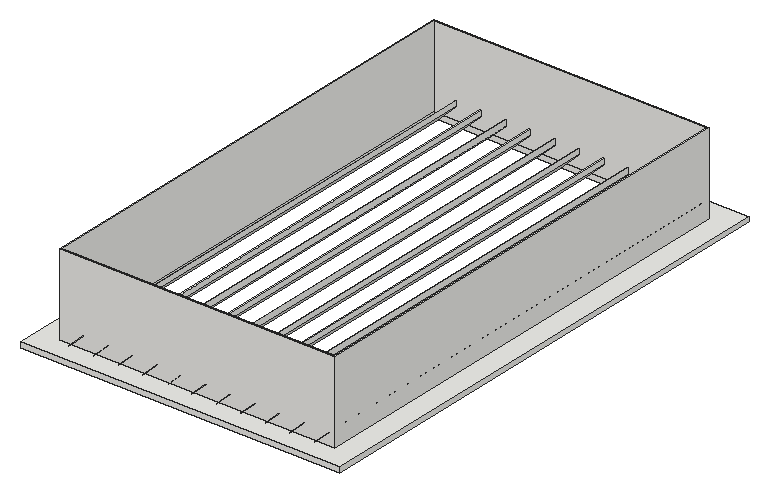
Revit family "MADEL_GRILL_AIR RETURN_FIXED BLADES 45º_DMT", category Terminales de aire, Revit 2015 (continued)
Types (224, lengths in mm): name | Width_Connector | Q | Product Type | Product Size | Product Reference | Nº  Blades | N_Graphic lines | Modelo | L3 | Height_Connector | H2 | L | Kf | H1 | H | Flujo mín. | Flujo máx. | Blade Lenght | Afree
  DMT-AR+CM 450x100 | 450.0 | 192.725 m³/h | "DMT-AR+CM 450x100" | "450x100" | "DMT-AR+SP+CM (S)" | 3 | 3 | "DMT-AR+CM 450x100" | 435.0 | 100.0 | 21.25 | 450.0 | -5.5542 | 85.0 | 100.0 | 85.6554 m³/h | 256.966 m³/h | 429.0 | 0.0237932 m²
  EMT-AR+CM 1000x400 | 400.0 | 1964.71 m³/h | "EMT-AR+CM 1000x400" | "400x1000" | "EMT-AR+SP+CM (S)" | 39 | 25 | "EMT-AR+CM 1000x400" | 385.0 | 1000.0 | 37.885 | 400.0 | 4.4845 | 985.0 | 1000.0 | 873.204 m³/h | 2619.61 m³/h | 379.0 | 0.242557 m²
  EMT-AR+CM 900x400 | 400.0 | 1765.39 m³/h | "DMT-AR+CM 400x900" | "400x900" | "EMT-AR+SP+CM (S)" | 35 | 23 | "DMT-AR+CM 400x900" | 385.0 | 900.0 | 36.875 | 400.0 | 4.022 | 885.0 | 900.0 | 784.616 m³/h | 2353.85 m³/h | 379.0 | 0.217949 m²
  EMT-AR+CM 800x400 | 400.0 | 1566.06 m³/h | "EMT-AR+CM 800x400" | "400x800" | "EMT-AR+SP+CM (S)" | 31 | 20 | "EMT-AR+CM 800x400" | 385.0 | 800.0 | 37.381 | 400.0 | 3.504 | 785.0 | 800.0 | 696.028 m³/h | 2088.08 m³/h | 379.0 | 0.193341 m²
  EMT-AR+CM 700x400 | 400.0 | 1366.74 m³/h | "EMT-AR+CM 700x400" | "400x700" | "EMT-AR+SP+CM (S)" | 27 | 18 | "EMT-AR+CM 700x400" | 385.0 | 700.0 | 36.053 | 400.0 | 2.9154 | 685.0 | 700.0 | 607.44 m³/h | 1822.32 m³/h | 379.0 | 0.168733 m²
  EMT-AR+CM 600x400 | 400.0 | 1167.42 m³/h | "EMT-AR+CM 600x400" | "400x600" | "EMT-AR+SP+CM (S)" | 23 | 15 | "EMT-AR+CM 600x400" | 385.0 | 600.0 | 36.563 | 400.0 | 2.2339 | 585.0 | 600.0 | 518.851 m³/h | 1556.55 m³/h | 379.0 | 0.144125 m²
  EMT-AR+CM 500x400 | 400.0 | 968.093 m³/h | "EMT-AR+CM 500x400" | "400x500" | "EMT-AR+SP+CM (S)" | 19 | 13 | "EMT-AR+CM 500x400" | 385.0 | 500.0 | 34.643 | 400.0 | 1.4244 | 485.0 | 500.0 | 430.263 m³/h | 1290.79 m³/h | 379.0 | 0.119518 m²
  EMT-AR+CM 450x400 | 400.0 | 868.431 m³/h | "EMT-AR+CM 450x400" | "400x450" | "EMT-AR+SP+CM (S)" | 17 | 11 | "EMT-AR+CM 450x400" | 385.0 | 450.0 | 36.25 | 400.0 | 0.9547 | 435.0 | 450.0 | 385.969 m³/h | 1157.91 m³/h | 379.0 | 0.107214 m²
  DMT-AR+CM 400x400 | 400.0 | 768.77 m³/h | "DMT-AR+CM 400x400" | "400x400" | "DMT-AR+SP+CM (S)" | 15 | 10 | "DMT-AR+CM 400x400" | 385.0 | 400.0 | 35.0 | 400.0 | 0.42767 | 385.0 | 400.0 | 341.675 m³/h | 1025.03 m³/h | 379.0 | 0.0949098 m²
  DMT-AR+CM 400x350 | 400.0 | 669.108 m³/h | "DMT-AR+CM 400x350" | "400x350" | "DMT-AR+SP+CM (S)" | 13 | 9 | "DMT-AR+CM 400x350" | 385.0 | 350.0 | 33.5 | 400.0 | -0.17265 | 335.0 | 350.0 | 297.381 m³/h | 892.144 m³/h | 379.0 | 0.082606 m²
  DMT-AR+CM 400x300 | 400.0 | 569.447 m³/h | "DMT-AR+CM 400x300" | "400x300" | "DMT-AR+SP+CM (S)" | 11 | 8 | "DMT-AR+CM 400x300" | 385.0 | 300.0 | 31.667 | 400.0 | -0.86996 | 285.0 | 300.0 | 253.087 m³/h | 759.262 m³/h | 379.0 | 0.0703021 m²
  DMT-AR+CM 400x250 | 400.0 | 469.785 m³/h | "DMT-AR+CM 400x250" | "400x250" | "DMT-AR+SP+CM (S)" | 9 | 6 | "DMT-AR+CM 400x250" | 385.0 | 250.0 | 33.571 | 400.0 | -1.7018 | 235.0 | 250.0 | 208.793 m³/h | 626.38 m³/h | 379.0 | 0.0579982 m²
  DMT-AR+CM 400x200 | 400.0 | 370.124 m³/h | "DMT-AR+CM 400x200" | "400x200" | "DMT-AR+SP+CM (S)" | 7 | 5 | "DMT-AR+CM 400x200" | 385.0 | 200.0 | 30.833 | 400.0 | -2.7327 | 185.0 | 200.0 | 164.499 m³/h | 493.498 m³/h | 379.0 | 0.0456943 m²
  DMT-AR+CM 400x150 | 400.0 | 270.462 m³/h | "DMT-AR+CM 400x150" | "400x150" | "DMT-AR+SP+CM (S)" | 5 | 4 | "DMT-AR+CM 400x150" | 385.0 | 150.0 | 27.0 | 400.0 | -4.089 | 135.0 | 150.0 | 120.205 m³/h | 360.616 m³/h | 379.0 | 0.0333904 m²
  DMT-AR+CM 400x100 | 400.0 | 170.801 m³/h | "DMT-AR+CM 400x100" | "400x100" | "DMT-AR+SP+CM (S)" | 3 | 3 | "DMT-AR+CM 400x100" | 385.0 | 100.0 | 21.25 | 400.0 | -6.0763 | 85.0 | 100.0 | 75.9114 m³/h | 227.734 m³/h | 379.0 | 0.0210865 m²
  EMT-AR+CM 1000x350 | 350.0 | 1709.25 m³/h | "EMT-AR+CM 1000x350" | "350x1000" | "EMT-AR+SP+CM (S)" | 39 | 25 | "EMT-AR+CM 1000x350" | 335.0 | 1000.0 | 37.885 | 350.0 | 3.8823 | 985.0 | 1000.0 | 759.665 m³/h | 2279 m³/h | 329.0 | 0.211018 m²
  EMT-AR+CM 900x350 | 350.0 | 1535.87 m³/h | "EMT-AR+CM 900x350" | "350x900" | "EMT-AR+SP+CM (S)" | 35 | 23 | "EMT-AR+CM 900x350" | 335.0 | 900.0 | 36.875 | 350.0 | 3.4199 | 885.0 | 900.0 | 682.61 m³/h | 2047.83 m³/h | 329.0 | 0.189614 m²
  EMT-AR+CM 800x350 | 350.0 | 1362.5 m³/h | "DMT-AR+CM 350x800" | "350x800" | "EMT-AR+SP+CM (S)" | 31 | 20 | "DMT-AR+CM 350x800" | 335.0 | 800.0 | 37.381 | 350.0 | 2.902 | 785.0 | 800.0 | 605.555 m³/h | 1816.66 m³/h | 329.0 | 0.16821 m²
  EMT-AR+CM 700x350 | 350.0 | 1189.12 m³/h | "EMT-AR+CM 700x350" | "350x700" | "EMT-AR+SP+CM (S)" | 27 | 18 | "EMT-AR+CM 700x350" | 335.0 | 700.0 | 36.053 | 350.0 | 2.3135 | 685.0 | 700.0 | 528.499 m³/h | 1585.5 m³/h | 329.0 | 0.146805 m²
  EMT-AR+CM 600x350 | 350.0 | 1015.75 m³/h | "EMT-AR+CM 600x350" | "350x600" | "EMT-AR+SP+CM (S)" | 23 | 15 | "EMT-AR+CM 600x350" | 335.0 | 600.0 | 36.563 | 350.0 | 1.6322 | 585.0 | 600.0 | 451.444 m³/h | 1354.33 m³/h | 329.0 | 0.125401 m²
  EMT-AR+CM 500x350 | 350.0 | 842.374 m³/h | "EMT-AR+CM 500x350" | "350x500" | "EMT-AR+SP+CM (S)" | 19 | 13 | "EMT-AR+CM 500x350" | 335.0 | 500.0 | 34.643 | 350.0 | 0.82299 | 485.0 | 500.0 | 374.389 m³/h | 1123.17 m³/h | 329.0 | 0.103997 m²
  EMT-AR+CM 450x350 | 350.0 | 755.687 m³/h | "EMT-AR+CM 450x350" | "350x450" | "EMT-AR+SP+CM (S)" | 17 | 11 | "EMT-AR+CM 450x350" | 335.0 | 450.0 | 36.25 | 350.0 | 0.35346 | 435.0 | 450.0 | 335.861 m³/h | 1007.58 m³/h | 329.0 | 0.0932947 m²
  EMT-AR+CM 400x350 | 350.0 | 669 m³/h | "EMT-AR+CM 400x350" | "350x400" | "EMT-AR+SP+CM (S)" | 15 | 10 | "EMT-AR+CM 400x350" | 335.0 | 400.0 | 35.0 | 350.0 | -0.17335 | 385.0 | 400.0 | 297.333 m³/h | 892 m³/h | 329.0 | 0.0825926 m²
  DMT-AR+CM 350x350 | 350.0 | 582.313 m³/h | "DMT-AR+CM 350x350" | "350x350" | "DMT-AR+SP+CM (S)" | 13 | 9 | "DMT-AR+CM 350x350" | 335.0 | 350.0 | 33.5 | 350.0 | -0.77336 | 335.0 | 350.0 | 258.806 m³/h | 776.417 m³/h | 329.0 | 0.0718905 m²
  DMT-AR+CM 350x300 | 350.0 | 495.626 m³/h | "DMT-AR+CM 350x300" | "350x300" | "DMT-AR+SP+CM (S)" | 11 | 8 | "DMT-AR+CM 350x300" | 335.0 | 300.0 | 31.667 | 350.0 | -1.4703 | 285.0 | 300.0 | 220.278 m³/h | 660.834 m³/h | 329.0 | 0.0611883 m²
  DMT-AR+CM 350x250 | 350.0 | 408.938 m³/h | "DMT-AR+CM 350x250" | "350x250" | "DMT-AR+SP+CM (S)" | 9 | 6 | "DMT-AR+CM 350x250" | 335.0 | 250.0 | 33.571 | 350.0 | -2.3015 | 235.0 | 250.0 | 181.75 m³/h | 545.251 m³/h | 329.0 | 0.0504862 m²
  DMT-AR+CM 350x200 | 350.0 | 322.251 m³/h | "DMT-AR+CM 350x200" | "350x200" | "DMT-AR+SP+CM (S)" | 7 | 5 | "DMT-AR+CM 350x200" | 335.0 | 200.0 | 30.833 | 350.0 | -3.3315 | 185.0 | 200.0 | 143.223 m³/h | 429.668 m³/h | 329.0 | 0.0397841 m²
  DMT-AR+CM 350x150 | 350.0 | 235.564 m³/h | "DMT-AR+CM 350x150" | "350x150" | "DMT-AR+SP+CM (S)" | 5 | 4 | "DMT-AR+CM 350x150" | 335.0 | 150.0 | 27.0 | 350.0 | -4.6863 | 135.0 | 150.0 | 104.695 m³/h | 314.085 m³/h | 329.0 | 0.029082 m²
  DMT-AR+CM 350x100 | 350.0 | 148.877 m³/h | "DMT-AR+CM 350x100" | "350x100" | "DMT-AR+SP+CM (S)" | 3 | 3 | "DMT-AR+CM 350x100" | 335.0 | 100.0 | 21.25 | 350.0 | -6.6703 | 85.0 | 100.0 | 66.1674 m³/h | 198.502 m³/h | 329.0 | 0.0183798 m²
  EMT-AR+CM 1000x300 | 300.0 | 1453.79 m³/h | "EMT-AR+CM 1000x300" | "300x1000" | "EMT-AR+SP+CM (S)" | 39 | 25 | "EMT-AR+CM 1000x300" | 285.0 | 1000.0 | 37.885 | 300.0 | 3.1824 | 985.0 | 1000.0 | 646.127 m³/h | 1938.38 m³/h | 279.0 | 0.17948 m²
  EMT-AR+CM 900x300 | 300.0 | 1306.36 m³/h | "EMT-AR+CM 900x300" | "300x900" | "EMT-AR+SP+CM (S)" | 35 | 23 | "EMT-AR+CM 900x300" | 285.0 | 900.0 | 36.875 | 300.0 | 2.7201 | 885.0 | 900.0 | 580.604 m³/h | 1741.81 m³/h | 279.0 | 0.161279 m²
  EMT-AR+CM 800x300 | 300.0 | 1158.93 m³/h | "EMT-AR+CM 800x300" | "300x800" | "EMT-AR+SP+CM (S)" | 31 | 20 | "EMT-AR+CM 800x300" | 285.0 | 800.0 | 37.381 | 300.0 | 2.2023 | 785.0 | 800.0 | 515.082 m³/h | 1545.25 m³/h | 279.0 | 0.143078 m²
  EMT-AR+CM 700x300 | 300.0 | 1011.51 m³/h | "EMT-AR+CM 700x300" | "300x700" | "EMT-AR+SP+CM (S)" | 27 | 18 | "EMT-AR+CM 700x300" | 285.0 | 700.0 | 36.053 | 300.0 | 1.6141 | 685.0 | 700.0 | 449.559 m³/h | 1348.68 m³/h | 279.0 | 0.124878 m²
  EMT-AR+CM 600x300 | 300.0 | 864.082 m³/h | "EMT-AR+CM 600x300" | "300x600" | "EMT-AR+SP+CM (S)" | 23 | 15 | "EMT-AR+CM 600x300" | 285.0 | 600.0 | 36.563 | 300.0 | 0.93299 | 585.0 | 600.0 | 384.036 m³/h | 1152.11 m³/h | 279.0 | 0.106677 m²
  EMT-AR+CM 500x300 | 300.0 | 716.656 m³/h | "EMT-AR+CM 500x300" | "300x500" | "EMT-AR+SP+CM (S)" | 19 | 13 | "EMT-AR+CM 500x300" | 285.0 | 500.0 | 34.643 | 300.0 | 0.12417 | 485.0 | 500.0 | 318.514 m³/h | 955.542 m³/h | 279.0 | 0.0884761 m²
  EMT-AR+CM 450x300 | 300.0 | 642.943 m³/h | "EMT-AR+CM 450x300" | "300x450" | "EMT-AR+SP+CM (S)" | 17 | 11 | "EMT-AR+CM 450x300" | 285.0 | 450.0 | 36.25 | 300.0 | -0.34511 | 435.0 | 450.0 | 285.753 m³/h | 857.258 m³/h | 279.0 | 0.0793757 m²
  EMT-AR+CM 400x300 | 300.0 | 569.23 m³/h | "EMT-AR+CM 400x300" | "300x400" | "EMT-AR+SP+CM (S)" | 15 | 10 | "EMT-AR+CM 400x300" | 285.0 | 400.0 | 35.0 | 300.0 | -0.8716 | 385.0 | 400.0 | 252.991 m³/h | 758.974 m³/h | 279.0 | 0.0702753 m²
  EMT-AR+CM 350x300 | 300.0 | 495.517 m³/h | "EMT-AR+CM 350x300" | "300x350" | "EMT-AR+SP+CM (S)" | 13 | 9 | "EMT-AR+CM 350x300" | 285.0 | 350.0 | 33.5 | 300.0 | -1.4712 | 335.0 | 350.0 | 220.23 m³/h | 660.69 m³/h | 279.0 | 0.061175 m²
  DMT-AR+CM 300x300 | 300.0 | 421.804 m³/h | "DMT-AR+CM 300x300" | "300x300" | "DMT-AR+SP+CM (S)" | 11 | 8 | "DMT-AR+CM 300x300" | 285.0 | 300.0 | 31.667 | 300.0 | -2.1676 | 285.0 | 300.0 | 187.469 m³/h | 562.406 m³/h | 279.0 | 0.0520746 m²
  DMT-AR+CM 300x250 | 300.0 | 348.091 m³/h | "DMT-AR+CM 300x250" | "300x250" | "DMT-AR+SP+CM (S)" | 9 | 6 | "DMT-AR+CM 300x250" | 285.0 | 250.0 | 33.571 | 300.0 | -2.998 | 235.0 | 250.0 | 154.707 m³/h | 464.122 m³/h | 279.0 | 0.0429742 m²
  DMT-AR+CM 300x200 | 300.0 | 274.378 m³/h | "DMT-AR+CM 300x200" | "300x200" | "DMT-AR+SP+CM (S)" | 7 | 5 | "DMT-AR+CM 300x200" | 285.0 | 200.0 | 30.833 | 300.0 | -4.0269 | 185.0 | 200.0 | 121.946 m³/h | 365.838 m³/h | 279.0 | 0.0338739 m²
  DMT-AR+CM 300x150 | 300.0 | 200.666 m³/h | "DMT-AR+CM 300x150" | "300x150" | "DMT-AR+SP+CM (S)" | 5 | 4 | "DMT-AR+CM 300x150" | 285.0 | 150.0 | 27.0 | 300.0 | -5.3796 | 135.0 | 150.0 | 89.1847 m³/h | 267.554 m³/h | 279.0 | 0.0247735 m²
  DMT-AR+CM 300x100 | 300.0 | 126.953 m³/h | "DMT-AR+CM 300x100" | "300x100" | "DMT-AR+SP+CM (S)" | 3 | 3 | "DMT-AR+CM 300x100" | 285.0 | 100.0 | 21.25 | 300.0 | -7.359 | 85.0 | 100.0 | 56.4234 m³/h | 169.27 m³/h | 279.0 | 0.0156732 m²
  EMT-AR+CM 1000x250 | 250.0 | 1198.32 m³/h | "EMT-AR+CM 1000x250" | "250x1000" | "EMT-AR+SP+CM (S)" | 39 | 25 | "EMT-AR+CM 1000x250" | 235.0 | 1000.0 | 37.885 | 250.0 | 2.3469 | 985.0 | 1000.0 | 532.589 m³/h | 1597.77 m³/h | 229.0 | 0.147941 m²
  EMT-AR+CM 900x250 | 250.0 | 1076.85 m³/h | "EMT-AR+CM 900x250" | "250x900" | "EMT-AR+SP+CM (S)" | 35 | 23 | "EMT-AR+CM 900x250" | 235.0 | 900.0 | 36.875 | 250.0 | 1.8847 | 885.0 | 900.0 | 478.599 m³/h | 1435.8 m³/h | 229.0 | 0.132944 m²
  EMT-AR+CM 800x250 | 250.0 | 955.37 m³/h | "EMT-AR+CM 800x250" | "250x800" | "EMT-AR+SP+CM (S)" | 31 | 20 | "EMT-AR+CM 800x250" | 235.0 | 800.0 | 37.381 | 250.0 | 1.3672 | 785.0 | 800.0 | 424.609 m³/h | 1273.83 m³/h | 229.0 | 0.117947 m²
  EMT-AR+CM 700x250 | 250.0 | 833.892 m³/h | "EMT-AR+CM 700x250" | "250x700" | "EMT-AR+SP+CM (S)" | 27 | 18 | "EMT-AR+CM 700x250" | 235.0 | 700.0 | 36.053 | 250.0 | 0.77923 | 685.0 | 700.0 | 370.619 m³/h | 1111.86 m³/h | 229.0 | 0.10295 m²
  EMT-AR+CM 600x250 | 250.0 | 712.415 m³/h | "EMT-AR+CM 600x250" | "250x600" | "EMT-AR+SP+CM (S)" | 23 | 15 | "EMT-AR+CM 600x250" | 235.0 | 600.0 | 36.563 | 250.0 | 0.098508 | 585.0 | 600.0 | 316.629 m³/h | 949.887 m³/h | 229.0 | 0.0879525 m²
  EMT-AR+CM 500x250 | 250.0 | 590.938 m³/h | "EMT-AR+CM 500x250" | "250x500" | "EMT-AR+SP+CM (S)" | 19 | 13 | "EMT-AR+CM 500x250" | 235.0 | 500.0 | 34.643 | 250.0 | -0.70979 | 485.0 | 500.0 | 262.639 m³/h | 787.917 m³/h | 229.0 | 0.0729553 m²
  EMT-AR+CM 450x250 | 250.0 | 530.199 m³/h | "EMT-AR+CM 450x250" | "250x450" | "EMT-AR+SP+CM (S)" | 17 | 11 | "EMT-AR+CM 450x250" | 235.0 | 450.0 | 36.25 | 250.0 | -1.1787 | 435.0 | 450.0 | 235.644 m³/h | 706.932 m³/h | 229.0 | 0.0654567 m²
  EMT-AR+CM 400x250 | 250.0 | 469.46 m³/h | "EMT-AR+CM 400x250" | "250x400" | "EMT-AR+SP+CM (S)" | 15 | 10 | "EMT-AR+CM 400x250" | 235.0 | 400.0 | 35.0 | 250.0 | -1.7048 | 385.0 | 400.0 | 208.649 m³/h | 625.947 m³/h | 229.0 | 0.0579581 m²
  EMT-AR+CM 350x250 | 250.0 | 408.722 m³/h | "EMT-AR+CM 350x250" | "250x350" | "EMT-AR+SP+CM (S)" | 13 | 9 | "EMT-AR+CM 350x250" | 235.0 | 350.0 | 33.5 | 250.0 | -2.3038 | 335.0 | 350.0 | 181.654 m³/h | 544.962 m³/h | 229.0 | 0.0504595 m²
  EMT-AR+CM 300x250 | 250.0 | 347.983 m³/h | "EMT-AR+CM 300x250" | "250x300" | "EMT-AR+SP+CM (S)" | 11 | 8 | "EMT-AR+CM 300x250" | 235.0 | 300.0 | 31.667 | 250.0 | -2.9994 | 285.0 | 300.0 | 154.659 m³/h | 463.978 m³/h | 229.0 | 0.0429609 m²
  DMT-AR+CM 250x250 | 250.0 | 287.245 m³/h | "DMT-AR+CM 250x250" | "250x250" | "DMT-AR+SP+CM (S)" | 9 | 6 | "DMT-AR+CM 250x250" | 235.0 | 250.0 | 33.571 | 250.0 | -3.8287 | 235.0 | 250.0 | 127.664 m³/h | 382.993 m³/h | 229.0 | 0.0354623 m²
  DMT-AR+CM 250x200 | 250.0 | 226.506 m³/h | "DMT-AR+CM 250x200" | "250x200" | "DMT-AR+SP+CM (S)" | 7 | 5 | "DMT-AR+CM 250x200" | 235.0 | 200.0 | 30.833 | 250.0 | -4.8559 | 185.0 | 200.0 | 100.669 m³/h | 302.008 m³/h | 229.0 | 0.0279637 m²
  DMT-AR+CM 250x150 | 250.0 | 165.767 m³/h | "DMT-AR+CM 250x150" | "250x150" | "DMT-AR+SP+CM (S)" | 5 | 4 | "DMT-AR+CM 250x150" | 235.0 | 150.0 | 27.0 | 250.0 | -6.2056 | 135.0 | 150.0 | 73.6743 m³/h | 221.023 m³/h | 229.0 | 0.0204651 m²
  DMT-AR+CM 250x100 | 250.0 | 105.029 m³/h | "DMT-AR+CM 250x100" | "250x100" | "DMT-AR+SP+CM (S)" | 3 | 3 | "DMT-AR+CM 250x100" | 235.0 | 100.0 | 21.25 | 250.0 | -8.1787 | 85.0 | 100.0 | 46.6794 m³/h | 140.038 m³/h | 229.0 | 0.0129665 m²
  EMT-AR+CM 1000x200 | 200.0 | 942.863 m³/h | "EMT-AR+CM 1000x200" | "200x1000" | "EMT-AR+SP+CM (S)" | 39 | 25 | "EMT-AR+CM 1000x200" | 185.0 | 1000.0 | 37.885 | 200.0 | 1.3102 | 985.0 | 1000.0 | 419.05 m³/h | 1257.15 m³/h | 179.0 | 0.116403 m²
  EMT-AR+CM 900x200 | 200.0 | 847.334 m³/h | "EMT-AR+CM 900x200" | "200x900" | "EMT-AR+SP+CM (S)" | 35 | 23 | "EMT-AR+CM 900x200" | 185.0 | 900.0 | 36.875 | 200.0 | 0.84837 | 885.0 | 900.0 | 376.593 m³/h | 1129.78 m³/h | 179.0 | 0.104609 m²
  EMT-AR+CM 800x200 | 200.0 | 751.806 m³/h | "EMT-AR+CM 800x200" | "200x800" | "EMT-AR+SP+CM (S)" | 31 | 20 | "EMT-AR+CM 800x200" | 185.0 | 800.0 | 37.381 | 200.0 | 0.33119 | 785.0 | 800.0 | 334.136 m³/h | 1002.41 m³/h | 179.0 | 0.0928155 m²
  EMT-AR+CM 700x200 | 200.0 | 656.277 m³/h | "EMT-AR+CM 700x200" | "200x700" | "EMT-AR+SP+CM (S)" | 27 | 18 | "EMT-AR+CM 700x200" | 185.0 | 700.0 | 36.053 | 200.0 | -0.25636 | 685.0 | 700.0 | 291.679 m³/h | 875.036 m³/h | 179.0 | 0.0810218 m²
  EMT-AR+CM 600x200 | 200.0 | 560.748 m³/h | "EMT-AR+CM 600x200" | "200x600" | "EMT-AR+SP+CM (S)" | 23 | 15 | "EMT-AR+CM 600x200" | 185.0 | 600.0 | 36.563 | 200.0 | -0.93651 | 585.0 | 600.0 | 249.221 m³/h | 747.664 m³/h | 179.0 | 0.0692282 m²
  EMT-AR+CM 500x200 | 200.0 | 465.219 m³/h | "EMT-AR+CM 500x200" | "200x500" | "EMT-AR+SP+CM (S)" | 19 | 13 | "EMT-AR+CM 500x200" | 185.0 | 500.0 | 34.643 | 200.0 | -1.744 | 485.0 | 500.0 | 206.764 m³/h | 620.293 m³/h | 179.0 | 0.0574345 m²
  EMT-AR+CM 450x200 | 200.0 | 417.455 m³/h | "EMT-AR+CM 450x200" | "200x450" | "EMT-AR+SP+CM (S)" | 17 | 11 | "EMT-AR+CM 450x200" | 185.0 | 450.0 | 36.25 | 200.0 | -2.2124 | 435.0 | 450.0 | 185.536 m³/h | 556.607 m³/h | 179.0 | 0.0515377 m²
  EMT-AR+CM 400x200 | 200.0 | 369.691 m³/h | "EMT-AR+CM 400x200" | "200x400" | "EMT-AR+SP+CM (S)" | 15 | 10 | "EMT-AR+CM 400x200" | 185.0 | 400.0 | 35.0 | 200.0 | -2.7377 | 385.0 | 400.0 | 164.307 m³/h | 492.921 m³/h | 179.0 | 0.0456408 m²
  EMT-AR+CM 350x200 | 200.0 | 321.926 m³/h | "EMT-AR+CM 350x200" | "200x350" | "EMT-AR+SP+CM (S)" | 13 | 9 | "EMT-AR+CM 350x200" | 185.0 | 350.0 | 33.5 | 200.0 | -3.3359 | 335.0 | 350.0 | 143.078 m³/h | 429.235 m³/h | 179.0 | 0.039744 m²
  EMT-AR+CM 300x200 | 200.0 | 274.162 m³/h | "EMT-AR+CM 300x200" | "200x300" | "EMT-AR+SP+CM (S)" | 11 | 8 | "EMT-AR+CM 300x200" | 185.0 | 300.0 | 31.667 | 200.0 | -4.0303 | 285.0 | 300.0 | 121.85 m³/h | 365.549 m³/h | 179.0 | 0.0338472 m²
  EMT-AR+CM 250x200 | 200.0 | 226.398 m³/h | "EMT-AR+CM 250x200" | "200x250" | "EMT-AR+SP+CM (S)" | 9 | 6 | "EMT-AR+CM 250x200" | 185.0 | 250.0 | 33.571 | 200.0 | -4.8579 | 235.0 | 250.0 | 100.621 m³/h | 301.864 m³/h | 179.0 | 0.0279503 m²
  DMT-AR+CM 200x200 | 200.0 | 178.633 m³/h | "DMT-AR+CM 200x200" | "200x200" | "DMT-AR+SP+CM (S)" | 7 | 5 | "DMT-AR+CM 200x200" | 185.0 | 200.0 | 30.833 | 200.0 | -5.8824 | 185.0 | 200.0 | 79.3926 m³/h | 238.178 m³/h | 179.0 | 0.0220535 m²
  DMT-AR+CM 200x150 | 200.0 | 130.869 m³/h | "DMT-AR+CM 200x150" | "200x150" | "DMT-AR+SP+CM (S)" | 5 | 4 | "DMT-AR+CM 200x150" | 185.0 | 150.0 | 27.0 | 200.0 | -7.2277 | 135.0 | 150.0 | 58.164 m³/h | 174.492 m³/h | 179.0 | 0.0161567 m²
  DMT-AR+CM 200x100 | 200.0 | 83.1046 m³/h | "DMT-AR+CM 200x100" | "200x100" | "DMT-AR+SP+CM (S)" | 3 | 3 | "DMT-AR+CM 200x100" | 185.0 | 100.0 | 21.25 | 200.0 | -9.191 | 85.0 | 100.0 | 36.9354 m³/h | 110.806 m³/h | 179.0 | 0.0102598 m²
  EMT-AR+CM 1000x150 | 150.0 | 687.402 m³/h | "EMT-AR+CM 1000x150" | "150x1000" | "EMT-AR+SP+CM (S)" | 39 | 25 | "EMT-AR+CM 1000x150" | 135.0 | 1000.0 | 37.885 | 150.0 | -0.056025 | 985.0 | 1000.0 | 305.512 m³/h | 916.536 m³/h | 129.0 | 0.0848644 m²
  EMT-AR+CM 900x150 | 150.0 | 617.822 m³/h | "EMT-AR+CM 900x150" | "150x900" | "EMT-AR+SP+CM (S)" | 35 | 23 | "EMT-AR+CM 900x150" | 135.0 | 900.0 | 36.875 | 150.0 | -0.51744 | 885.0 | 900.0 | 274.587 m³/h | 823.762 m³/h | 129.0 | 0.0762743 m²
  EMT-AR+CM 800x150 | 150.0 | 548.242 m³/h | "EMT-AR+CM 800x150" | "150x800" | "EMT-AR+SP+CM (S)" | 31 | 20 | "EMT-AR+CM 800x150" | 135.0 | 800.0 | 37.381 | 150.0 | -1.034 | 785.0 | 800.0 | 243.663 m³/h | 730.989 m³/h | 129.0 | 0.0676841 m²
  EMT-AR+CM 700x150 | 150.0 | 478.661 m³/h | "EMT-AR+CM 700x150" | "150x700" | "EMT-AR+SP+CM (S)" | 27 | 18 | "EMT-AR+CM 700x150" | 135.0 | 700.0 | 36.053 | 150.0 | -1.6208 | 685.0 | 700.0 | 212.738 m³/h | 638.215 m³/h | 129.0 | 0.059094 m²
  EMT-AR+CM 600x150 | 150.0 | 409.081 m³/h | "EMT-AR+CM 600x150" | "150x600" | "EMT-AR+SP+CM (S)" | 23 | 15 | "EMT-AR+CM 600x150" | 135.0 | 600.0 | 36.563 | 150.0 | -2.3 | 585.0 | 600.0 | 181.814 m³/h | 545.442 m³/h | 129.0 | 0.0505039 m²
  EMT-AR+CM 500x150 | 150.0 | 339.501 m³/h | "EMT-AR+CM 500x150" | "150x500" | "EMT-AR+SP+CM (S)" | 19 | 13 | "EMT-AR+CM 500x150" | 135.0 | 500.0 | 34.643 | 150.0 | -3.1061 | 485.0 | 500.0 | 150.889 m³/h | 452.668 m³/h | 129.0 | 0.0419137 m²
  EMT-AR+CM 450x150 | 150.0 | 304.711 m³/h | "EMT-AR+CM 450x150" | "150x450" | "EMT-AR+SP+CM (S)" | 17 | 11 | "EMT-AR+CM 450x150" | 135.0 | 450.0 | 36.25 | 150.0 | -3.5735 | 435.0 | 450.0 | 135.427 m³/h | 406.281 m³/h | 129.0 | 0.0376186 m²
  EMT-AR+CM 400x150 | 150.0 | 269.921 m³/h | "EMT-AR+CM 400x150" | "150x400" | "EMT-AR+SP+CM (S)" | 15 | 10 | "EMT-AR+CM 400x150" | 135.0 | 400.0 | 35.0 | 150.0 | -4.0977 | 385.0 | 400.0 | 119.965 m³/h | 359.895 m³/h | 129.0 | 0.0333236 m²
  EMT-AR+CM 350x150 | 150.0 | 235.131 m³/h | "EMT-AR+CM 350x150" | "150x350" | "EMT-AR+SP+CM (S)" | 13 | 9 | "EMT-AR+CM 350x150" | 135.0 | 350.0 | 33.5 | 150.0 | -4.6943 | 335.0 | 350.0 | 104.503 m³/h | 313.508 m³/h | 129.0 | 0.0290285 m²
  EMT-AR+CM 300x150 | 150.0 | 200.341 m³/h | "EMT-AR+CM 300x150" | "150x300" | "EMT-AR+SP+CM (S)" | 11 | 8 | "EMT-AR+CM 300x150" | 135.0 | 300.0 | 31.667 | 150.0 | -5.3866 | 285.0 | 300.0 | 89.0404 m³/h | 267.121 m³/h | 129.0 | 0.0247334 m²
  EMT-AR+CM 250x150 | 150.0 | 165.551 m³/h | "EMT-AR+CM 250x150" | "150x250" | "EMT-AR+SP+CM (S)" | 9 | 6 | "EMT-AR+CM 250x150" | 135.0 | 250.0 | 33.571 | 150.0 | -6.2113 | 235.0 | 250.0 | 73.5781 m³/h | 220.734 m³/h | 129.0 | 0.0204384 m²
  EMT-AR+CM 200x150 | 150.0 | 130.761 m³/h | "EMT-AR+CM 200x150" | "150x200" | "EMT-AR+SP+CM (S)" | 7 | 5 | "EMT-AR+CM 200x150" | 135.0 | 200.0 | 30.833 | 150.0 | -7.2313 | 185.0 | 200.0 | 58.1159 m³/h | 174.348 m³/h | 129.0 | 0.0161433 m²
  DMT-AR+CM 150x150 | 150.0 | 95.9706 m³/h | "DMT-AR+CM 150x150" | "150x150" | "DMT-AR+SP+CM (S)" | 5 | 4 | "DMT-AR+CM 150x150" | 135.0 | 150.0 | 27.0 | 150.0 | -8.5687 | 135.0 | 150.0 | 42.6536 m³/h | 127.961 m³/h | 129.0 | 0.0118482 m²
  DMT-AR+CM 150x100 | 150.0 | 61.1806 m³/h | "DMT-AR+CM 150x100" | "150x100" | "DMT-AR+SP+CM (S)" | 3 | 3 | "DMT-AR+CM 150x100" | 135.0 | 100.0 | 21.25 | 150.0 | -10.5152 | 85.0 | 100.0 | 27.1914 m³/h | 81.5741 m³/h | 129.0 | 0.00755316 m²
  EMT-AR+CM 1000x100 | 100.0 | 431.941 m³/h | "EMT-AR+CM 1000x100" | "100x1000" | "EMT-AR+SP+CM (S)" | 39 | 25 | "EMT-AR+CM 1000x100" | 85.0 | 1000.0 | 37.885 | 100.0 | -2.0649 | 985.0 | 1000.0 | 191.974 m³/h | 575.921 m³/h | 79.0 | 0.053326 m²
  EMT-AR+CM 900x100 | 100.0 | 388.309 m³/h | "EMT-AR+CM 900x100" | "100x900" | "EMT-AR+SP+CM (S)" | 35 | 23 | "EMT-AR+CM 900x100" | 85.0 | 900.0 | 36.875 | 100.0 | -2.5253 | 885.0 | 900.0 | 172.582 m³/h | 517.745 m³/h | 79.0 | 0.0479394 m²
  EMT-AR+CM 800x100 | 100.0 | 344.677 m³/h | "EMT-AR+CM 800x100" | "100x800" | "EMT-AR+SP+CM (S)" | 31 | 20 | "EMT-AR+CM 800x100" | 85.0 | 800.0 | 37.381 | 100.0 | -3.0406 | 785.0 | 800.0 | 153.19 m³/h | 459.57 m³/h | 79.0 | 0.0425528 m²
  EMT-AR+CM 700x100 | 100.0 | 301.046 m³/h | "EMT-AR+CM 700x100" | "100x700" | "EMT-AR+SP+CM (S)" | 27 | 18 | "EMT-AR+CM 700x100" | 85.0 | 700.0 | 36.053 | 100.0 | -3.6258 | 685.0 | 700.0 | 133.798 m³/h | 401.395 m³/h | 79.0 | 0.0371662 m²
  EMT-AR+CM 600x100 | 100.0 | 257.414 m³/h | "EMT-AR+CM 600x100" | "100x600" | "EMT-AR+SP+CM (S)" | 23 | 15 | "EMT-AR+CM 600x100" | 85.0 | 600.0 | 36.563 | 100.0 | -4.3028 | 585.0 | 600.0 | 114.406 m³/h | 343.219 m³/h | 79.0 | 0.0317796 m²
  EMT-AR+CM 500x100 | 100.0 | 213.783 m³/h | "EMT-AR+CM 500x100" | "100x500" | "EMT-AR+SP+CM (S)" | 19 | 13 | "EMT-AR+CM 500x100" | 85.0 | 500.0 | 34.643 | 100.0 | -5.1058 | 485.0 | 500.0 | 95.0146 m³/h | 285.044 m³/h | 79.0 | 0.0263929 m²
  EMT-AR+CM 450x100 | 100.0 | 191.967 m³/h | "EMT-AR+CM 450x100" | "100x450" | "EMT-AR+SP+CM (S)" | 17 | 11 | "EMT-AR+CM 450x100" | 85.0 | 450.0 | 36.25 | 100.0 | -5.5712 | 435.0 | 450.0 | 85.3187 m³/h | 255.956 m³/h | 79.0 | 0.0236996 m²
  EMT-AR+CM 400x100 | 100.0 | 170.151 m³/h | "EMT-AR+CM 400x100" | "100x400" | "EMT-AR+SP+CM (S)" | 15 | 10 | "EMT-AR+CM 400x100" | 85.0 | 400.0 | 35.0 | 100.0 | -6.0928 | 385.0 | 400.0 | 75.6228 m³/h | 226.868 m³/h | 79.0 | 0.0210063 m²
  EMT-AR+CM 350x100 | 100.0 | 148.335 m³/h | "EMT-AR+CM 350x100" | "100x350" | "EMT-AR+SP+CM (S)" | 13 | 9 | "EMT-AR+CM 350x100" | 85.0 | 350.0 | 33.5 | 100.0 | -6.686 | 335.0 | 350.0 | 65.9269 m³/h | 197.781 m³/h | 79.0 | 0.018313 m²
  EMT-AR+CM 300x100 | 100.0 | 126.52 m³/h | "EMT-AR+CM 300x100" | "100x300" | "EMT-AR+SP+CM (S)" | 11 | 8 | "EMT-AR+CM 300x100" | 85.0 | 300.0 | 31.667 | 100.0 | -7.3738 | 285.0 | 300.0 | 56.231 m³/h | 168.693 m³/h | 79.0 | 0.0156197 m²
  EMT-AR+CM 250x100 | 100.0 | 104.704 m³/h | "EMT-AR+CM 250x100" | "100x250" | "EMT-AR+SP+CM (S)" | 9 | 6 | "EMT-AR+CM 250x100" | 85.0 | 250.0 | 33.571 | 100.0 | -8.1921 | 235.0 | 250.0 | 46.5351 m³/h | 139.605 m³/h | 79.0 | 0.0129264 m²
  EMT-AR+CM 200x100 | 100.0 | 82.8881 m³/h | "EMT-AR+CM 200x100" | "100x200" | "EMT-AR+SP+CM (S)" | 7 | 5 | "EMT-AR+CM 200x100" | 85.0 | 200.0 | 30.833 | 100.0 | -9.2023 | 185.0 | 200.0 | 36.8392 m³/h | 110.517 m³/h | 79.0 | 0.0102331 m²
  EMT-AR+CM 150x100 | 100.0 | 61.0723 m³/h | "EMT-AR+CM 150x100" | "100x150" | "EMT-AR+SP+CM (S)" | 5 | 4 | "EMT-AR+CM 150x100" | 85.0 | 150.0 | 27.0 | 100.0 | -10.5229 | 135.0 | 150.0 | 27.1433 m³/h | 81.4298 m³/h | 79.0 | 0.00753979 m²
  DMT-AR+CM 100x100 | 100.0 | 39.2566 m³/h | "DMT-AR+CM 100x100" | "100x100" | "DMT-AR+SP+CM (S)" | 3 | 3 | "DMT-AR+CM 100x100" | 85.0 | 100.0 | 21.25 | 100.0 | -12.4336 | 85.0 | 100.0 | 17.4474 m³/h | 52.3421 m³/h | 79.0 | 0.00484649 m²
